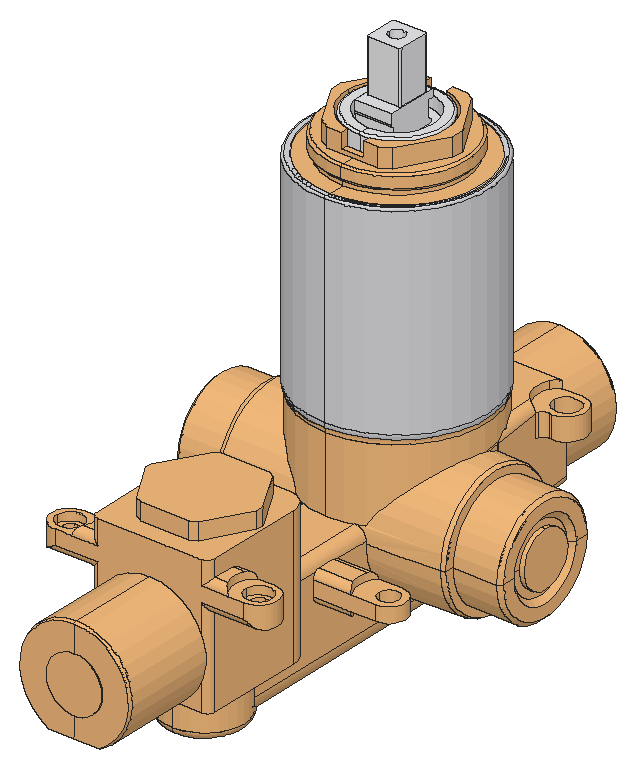
Revit family "Shower-Valve-KOHLER-NATEO-K-880AR", category Plumbing Fixtures, host Face, Revit 2017 (continued)
Definition of nested family "K-880AR"
  Lines and regions (in)
    symbolic lines, detail levels medium+fine
      curve 135: line (-0.94489, -0.75449, 0) -> (-0.88019, -0.75449, 0)
      curve 136: arc (-0.82677, -0.76726, 0) -> (-0.89496, -0.74559, 0) -> (-0.93813, -0.68852, 0) r 0.11811
      curve 137: line (-0.82677, -0.76726, 0) -> (0.82677, -0.76726, 0)
      curve 138: arc (0.93813, -0.68852, 0) -> (0.89496, -0.74559, 0) -> (0.82677, -0.76726, 0) r 0.11811
      curve 139: arc (-0.82677, -0.76726, 0) -> (-0.84456, -0.72319, 0) -> (-0.87707, -0.68852, 0) r 0.12927
      curve 140: arc (0.82677, -0.76726, 0) -> (0.84456, -0.72319, 0) -> (0.87707, -0.68852, 0) r 0.12927
      curve 141: line (0.94489, -0.75449, 0) -> (0.88019, -0.75449, 0)
      curve 142: line (1.69288, 0.59056, 0) -> (1.69288, -0.59056, 0)
      curve 143: line (0, 0.59055, 6.461) -> (0, -0.59055, 6.461)
      curve 144: line (0, -0.63166, 5.55118) -> (0, 0.63166, 5.55118)
      curve 145: line (0, -0.4523, 5.0335) -> (0, -0.4523, 5.49213)
      curve 146: line (0, -0.68852, 5.0335) -> (0, -0.68852, 5.49213)
      curve 147: line (0, -0.68852, 5.0335) -> (0, -0.4523, 5.0335)
      curve 148: spline (0, -0.75872, 5.04698) -> (0, -0.75553, 5.04494) -> (0, -0.75172, 5.04305) -> (0, -0.74732, 5.04133) -> (0, -0.74237, 5.0398) -> (0, -0.7369, 5.03845) -> (0, -0.73097, 5.03731) -> (0, -0.72462, 5.03639) -> (0, -0.71791, 5.03569) -> (0, -0.71088, 5.03521) -> (0, -0.70359, 5.03497) -> (0, -0.69612, 5.03496) -> (0, -0.68851, 5.03518)
      curve 149: line (0, -0.76726, 5.49213) -> (0, -0.76726, 4.66152)
      curve 150: line (0, -0.63166, 5.49213) -> (0, 0.28331, 5.49213)
      curve 151: line (0, 0.21699, 5.49213) -> (0, 0.21699, 4.76634)
      curve 152: line (0, 0.27021, 5.49213) -> (0, 0.27021, 4.74584)
      curve 153: line (0, -0.4523, 5.09843) -> (0, -0.68852, 5.09843)
      curve 154: line (0, -3.75939, 4.4941) -> (0, -3.75939, 4.11417)
      curve 155: line (0, -4.31057, 4.44852) -> (0, -3.75939, 4.44852)
      curve 156: line (0, -4.31057, 4.13386) -> (0, -3.75939, 4.13386)
      curve 157: line (0, -3.59403, 4.45669) -> (0, -3.59403, 3.99606)
      curve 158: line (0, -3.39718, 4.23043) -> (0, -3.59403, 4.23043)
      curve 159: line (0, -3.39718, 4.35225) -> (0, -3.59403, 4.35225)
      curve 160: line (0, -3.39718, 4.82098) -> (0, -3.59403, 4.82098)
      curve 161: line (0, -3.39718, 3.7617) -> (0, -3.59403, 3.7617)
      curve 162: line (0, -3.37521, 3.54327) -> (0, -3.37521, 5.03941)
      curve 163: line (0, -3.25943, 3.54327) -> (0, -3.25943, 5.03941)
      curve 164: line (0, -3.22986, 3.57284) -> (0, -3.22986, 5.00984)
      curve 165: line (0, -3.18852, 5.23331) -> (0, -3.18852, 3.34937)
      curve 166: line (0, -3.39718, 5.01744) -> (0, -3.39718, 3.56524)
      curve 167: line (0, -0.98258, 3.33666) -> (0, -0.98258, 5.24601)
      curve 168: line (0, -3.16526, 5.25591) -> (0, -3.16526, 3.32677)
      curve 169: line (0, -1.0415, 5.25591) -> (0, -1.0415, 3.32677)
      curve 170: line (0, -0.9412, 5.23591) -> (0, -0.9412, 3.34677)
      curve 171: arc (0, 0, 4.45374) -> (0, -0.35925, 4.09449) -> (0, 0, 3.73524) r 0.35925
      curve 172: arc (0, 0, 4.5128) -> (0, -0.41831, 4.09449) -> (0, 0, 3.67618) r 0.41831
      curve 173: arc (0, 0, 4.64564) -> (0, -0.55116, 4.09449) -> (0, 0, 3.54333) r 0.55116
      curve 174: arc (0, 0, 3.50393) -> (0, -0.59056, 4.09449) -> (0, 0, 4.68505) r 0.59056
      curve 175: arc (0, 0, 4.76894) -> (0, -0.67445, 4.09449) -> (0, 0, 3.42004) r 0.67445
      curve 176: line (0, -0.13734, 3.34645) -> (0, -0.13734, 3.43417)
      curve 177: arc (0, -0.13734, 3.39205) -> (0, -0.69787, 4.15934) -> (0, 0, 4.80425) r 0.71415
      curve 178: arc (0, 0, 4.45374) -> (0, 0.35925, 4.09449) -> (0, 0, 3.73524) r 0.35925
      curve 179: arc (0, 0, 4.5128) -> (0, 0.41831, 4.09449) -> (0, 0, 3.67618) r 0.41831
      curve 180: arc (0, 0, 4.64564) -> (0, 0.55116, 4.09449) -> (0, 0, 3.54333) r 0.55116
      curve 181: arc (0, 0, 3.50393) -> (0, 0.59056, 4.09449) -> (0, 0, 4.68505) r 0.59056
      curve 182: arc (0, 0, 4.76894) -> (0, 0.67445, 4.09449) -> (0, 0, 3.42004) r 0.67445
      curve 183: arc (0, -0.0199, 3.37609) -> (0, 0.70115, 4.08026) -> (0, 0, 4.80425) r 0.71415
      curve 184: line (0, -0.0199, 3.42033) -> (0, -0.0199, 3.00323)
      curve 185: line (0, -0.13734, 2.36221) -> (0, 0.51227, 2.36221)
      curve 186: line (0, 0.51227, 2.36221) -> (0, 0.51227, 1.00394)
      curve 187: line (0, 0.51227, 1.00394) -> (0, -0.94443, 1.00394)
      curve 188: line (0, -0.76828, 1.31737) -> (0, -0.76828, 1.0825)
      curve 189: line (0, -0.68852, 1.00394) -> (0, -0.68852, 1.39764)
      curve 190: arc (0, -0.76828, 1.31737) -> (0, -0.74495, 1.37395) -> (0, -0.68852, 1.39764) r 0.08027
      curve 191: arc (0, -0.68972, 1.00394) -> (0, -0.74527, 1.02695) -> (0, -0.76828, 1.0825) r 0.07856
      curve 192: line (0, -0.53192, 1.39764) -> (0, -0.68852, 1.39764)
      curve 193: spline (0, -0.53206, 1.39664) -> (0, -0.5231, 1.39716) -> (0, -0.51439, 1.39635) -> (0, -0.50599, 1.39423) -> (0, -0.49794, 1.39081) -> (0, -0.49031, 1.3861) -> (0, -0.48314, 1.38015) -> (0, -0.47649, 1.37298) -> (0, -0.47039, 1.36466) -> (0, -0.46488, 1.35522) -> (0, -0.46001, 1.34474) -> (0, -0.45581, 1.33328) -> (0, -0.4523, 1.32093)
      curve 194: line (0, -0.4523, 1.08268) -> (0, -0.4523, 1.32093)
      curve 195: arc (0, -0.4523, 1.08268) -> (0, -0.47536, 1.027) -> (0, -0.53104, 1.00394) r 0.07874
      curve 196: line (0, -0.94443, 2.36221) -> (0, -0.94443, 1.00394)
      curve 197: line (0, -0.94443, 2.22346) -> (0, -1.12159, 2.22346)
      curve 198: line (0, -0.94443, 1.24111) -> (0, -1.12159, 1.24111)
      curve 199: line (0, -0.94443, 1.69393) -> (0, -1.12159, 1.69393)
      curve 200: line (0, -0.94443, 1.77063) -> (0, -1.12159, 1.77063)
      curve 201: line (0, -0.03891, 2.95143) -> (0, -0.03891, 2.75591)
      curve 202: arc (0, 0.03983, 2.67717) -> (0, -0.01585, 2.70023) -> (0, -0.03891, 2.75591) r 0.07875
      curve 203: line (0, 0.03983, 2.67717) -> (0, 0.19922, 2.67717)
      curve 204: arc (0, 0.27605, 2.75399) -> (0, 0.25355, 2.69967) -> (0, 0.19922, 2.67717) r 0.07682
      curve 205: line (0, 0.27605, 2.75399) -> (0, 0.27605, 2.95419)
      curve 206: arc (0, 0.19874, 3.0315) -> (0, 0.2534, 3.00885) -> (0, 0.27605, 2.95419) r 0.07731
      curve 207: line (0, 0.19874, 3.0315) -> (0, 0.04115, 3.0315)
      curve 208: arc (0, -0.03891, 2.95143) -> (0, -0.01546, 3.00805) -> (0, 0.04115, 3.0315) r 0.08006
      curve 209: line (0, 0.03983, 2.67717) -> (0, 0.03983, 3.0315)
      curve 210: line (0, 0.20006, 3.0315) -> (0, 0.20006, 2.67717)
      curve 211: line (0, -0.0199, 2.7046) -> (0, -0.0199, 2.36221)
      curve 212: line (0, 1.02362, 2.14549) -> (0, 1.02362, 2.00067)
      curve 213: line (0, -0.59009, 0.03939) -> (0, 0.51219, 0.03939)
      curve 214: line (0, -0.71451, 5.03543) -> (0, -0.71451, 4.54025)
      curve 215: line (0, -0.75872, 5.04698) -> (0, -0.76726, 5.07682)
      curve 216: line (0, 0.74196, 5.5349) -> (0, 0.74196, 2.14549)
      curve 217: line (0, 0.74196, 5.18489) -> (0, 1.02362, 5.18489)
      curve 218: line (0, 1.02362, 5.18489) -> (0, 0.27021, 5.18489)
      curve 219: arc (0.08162, 0, 4.29183) -> (-0.00106, 0, 4.3745) -> (-0.08373, 0, 4.29183) r 0.08268
      curve 220: arc (-0.08373, 0, 4.29183) -> (-0.00106, 0, 4.20915) -> (0.08162, 0, 4.29183) r 0.08268
      curve 221: line (0.17717, 0, 4.13386) -> (0.17717, 0, 4.44882)
      curve 222: line (-0.15748, 0, 4.11417) -> (0.15748, 0, 4.11417)
      curve 223: line (0.15748, 0, 4.4685) -> (-0.15718, 0, 4.4685)
      curve 224: line (-0.17717, 0, 4.44852) -> (-0.17717, 0, 4.13386)
      curve 225: arc (-0.17717, 0, 4.13386) -> (-0.1714, 0, 4.11994) -> (-0.15748, 0, 4.11417) r 0.01969
      curve 226: arc (0.15748, 0, 4.11417) -> (0.1714, 0, 4.11994) -> (0.17717, 0, 4.13386) r 0.01969
      curve 227: arc (0.17717, 0, 4.44882) -> (0.1714, 0, 4.46274) -> (0.15748, 0, 4.4685) r 0.01969
      curve 228: arc (-0.15718, 0, 4.4685) -> (-0.17131, 0, 4.46265) -> (-0.17717, 0, 4.44852) r 0.01999
      curve 229: line (0.19685, 0, 4.51969) -> (-0.19685, 0, 4.51969)
      curve 230: line (-0.19685, 0, 4.51969) -> (-0.19685, 0, 3.97244)
      curve 231: line (-0.19685, 0, 3.97244) -> (0.19685, 0, 3.97244)
      curve 232: line (0.19685, 0, 3.97244) -> (0.19685, 0, 4.51969)
      curve 233: arc (0, 0, 3.90322) -> (0.38812, 0, 4.29134) -> (0, 0, 4.67946) r 0.38812
      curve 234: arc (0, 0, 4.67946) -> (-0.38812, 0, 4.29134) -> (0, 0, 3.90322) r 0.38812
      curve 235: arc (0, 0, 3.79007) -> (0.50127, 0, 4.29134) -> (0, 0, 4.79261) r 0.50127
      curve 236: arc (0, 0, 4.79261) -> (-0.50127, 0, 4.29134) -> (0, 0, 3.79007) r 0.50127
      curve 237: arc (0.52877, 0, 4.29134) -> (0, 0, 3.76257) -> (-0.52877, 0, 4.29134) r 0.52877
      curve 238: arc (-0.52877, 0, 4.29134) -> (0, 0, 4.82011) -> (0.52877, 0, 4.29134) r 0.52877
      curve 239: line (0.11811, 0, 3.70079) -> (0.11811, 0, 3.77593)
      curve 240: line (-0.11811, 0, 3.77593) -> (-0.11811, 0, 3.70079)
      curve 241: line (-0.27062, 0, 3.70079) -> (0.27062, 0, 3.70079)
      curve 242: arc (-0.37612, 0, 3.7617) -> (-0.32479, 0, 3.72878) -> (-0.27062, 0, 3.70079) r 0.65421
      curve 243: line (-0.64674, 0, 4.23043) -> (-0.37612, 0, 3.7617)
      curve 244: line (-0.37612, 0, 4.82098) -> (-0.64674, 0, 4.35225)
      curve 245: arc (-0.64674, 0, 4.35225) -> (-0.64964, 0, 4.29134) -> (-0.64674, 0, 4.23043) r 0.64125
      curve 246: arc (0.27062, 0, 3.70079) -> (0.32479, 0, 3.72878) -> (0.37612, 0, 3.7617) r 0.65421
      curve 247: line (0.37612, 0, 3.7617) -> (0.64674, 0, 4.23043)
      curve 248: arc (0.64674, 0, 4.23043) -> (0.64964, 0, 4.29134) -> (0.64674, 0, 4.35225) r 0.64125
      curve 249: line (0.64674, 0, 4.35225) -> (0.37612, 0, 4.82098)
      curve 250: arc (0.37612, 0, 4.82098) -> (0.3248, 0, 4.85392) -> (0.27062, 0, 4.88189) r 0.64924
      curve 251: line (0.27062, 0, 4.88189) -> (-0.27062, 0, 4.88189)
      curve 252: arc (-0.27062, 0, 4.88189) -> (-0.3248, 0, 4.85392) -> (-0.37612, 0, 4.82098) r 0.64924
      curve 253: line (-0.11811, 0, 4.88189) -> (-0.11811, 0, 4.80675)
      curve 254: line (0.11811, 0, 4.80675) -> (0.11811, 0, 4.88189)
      curve 255: arc (0, 0, 5.01744) -> (0.7261, 0, 4.29134) -> (0, 0, 3.56524) r 0.7261
      curve 256: arc (0, 0, 3.56524) -> (-0.7261, 0, 4.29134) -> (0, 0, 5.01744) r 0.7261
      curve 257: arc (0, 0, 3.54327) -> (0.74807, 0, 4.29134) -> (0, 0, 5.03941) r 0.74807
      curve 258: arc (0, 0, 5.03941) -> (-0.74807, 0, 4.29134) -> (0, 0, 3.54327) r 0.74807
      curve 259: arc (0, 0, 3.34645) -> (0.94489, 0, 4.29134) -> (0, 0, 5.23623) r 0.94489
      curve 260: arc (0, 0, 5.23623) -> (-0.94489, 0, 4.29134) -> (0, 0, 3.34645) r 0.94489
    symbolic lines, detail levels coarse
      curve 261: line (-0.8129, 0.43169, 0) -> (0.7619, 0.43169, 0)
      curve 262: arc (0.7619, 0.43169, 0) -> (-0.0255, 0.79269, 0) -> (-0.8129, 0.43169, 0) r 1.03922
      curve 263: line (0, 0.43169, 0) -> (0, 0, 0)
      curve 264: line (0, 0, 0) -> (-0.42321, 0.21564, 0)
      curve 265: line (-0.42321, 0.21564, 0) -> (-0.42321, -0.21564, 0)
      curve 266: line (0, 0, 0) -> (-0.42321, -0.21564, 0)
      curve 267: line (0, 0, 0) -> (0.42321, 0.21564, 0)
      curve 268: line (0.42321, 0.21564, 0) -> (0.42321, -0.21564, 0)
      curve 269: line (0, 0, 0) -> (0.42321, -0.21564, 0)
  Dimensions and locks (in)
    plane 6 to plane 5 = 3.46457"
    plane 1 "Center (Front/Back)" to plane 7 = 1.02362"
    cut or joined group 1 (Extrusion 30, Extrusion 35, Extrusion 44, Extrusion 45, Extrusion 46, Extrusion 47, Revolve 48, Revolve 49, Extrusion 50) to plane 11 = 3.18898"
    aligned and locked: plane 2 to level
    aligned and locked: plane 13 to cut or joined group 1
